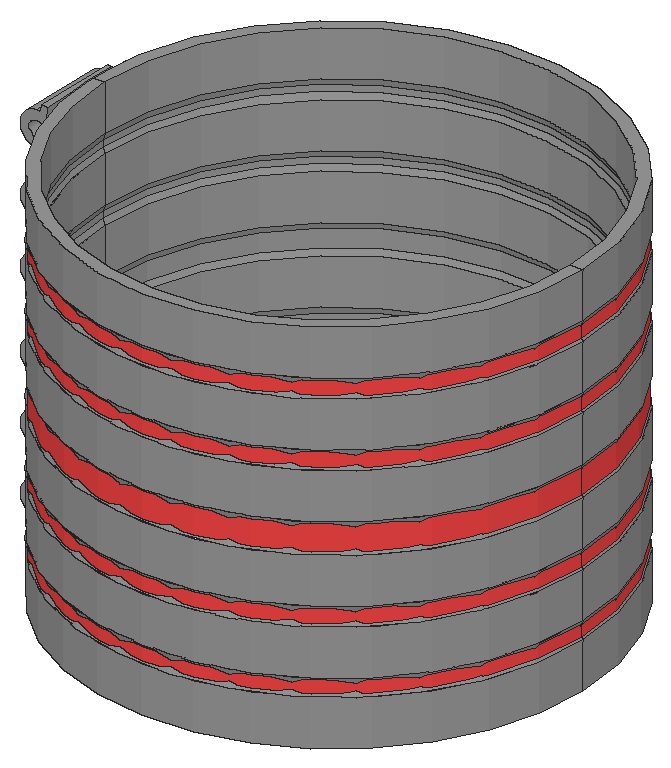
Revit family "MI-QXHUB", category Pipe Accessories, Revit 2018
Family settings
  Round Connector Dimension = Use Diameter
  Part Type = Valve - Breaks Into
  Work Plane-Based = No
  Always vertical = Yes
  Cut with Voids When Loaded = No
  Shared = No
Parameters (values of type "MI-QXHUB-6")
  W = 0' - 0 9/16"
  URL = "www.mifab.com"
  Option 3 = no
  Option 2 = yes
  Option 1 = no
  Model = "MI-QXHUB-6"
  Manufacturer = "MIFAB"
  Diameter_3 = 1' - 3"
  Diameter_1 = 0' - 2"
  Diameter_2 = 0' - 6"
  Description = "Heavy Duty Quick Hub No Hub Coupling"
  C3 OR L3 = 0' - 5 55/128"
  C2 OR L2 = 0' - 4 5/8"
  C1 OR L1 = 0' - 3"
Types (9): name | W | Option 3 | Option 2 | Option 1 | Model | Diameter_3 | Diameter_1 | Diameter_2
  MI-QXHUB-2 | 0' - 0 9/16" | no | no | yes | "MI-QXHUB-2" | 1' - 3" | 0' - 2" | 0' - 5"
  MI-QXHUB-3 | 0' - 0 29/64" | no | no | yes | "MI-QXHUB-3" | 1' - 3" | 0' - 3" | 0' - 5"
  MI-QXHUB-4 | 0' - 0 9/16" | no | no | yes | "MI-QXHUB-4" | 1' - 3" | 0' - 4" | 0' - 5"
  MI-QXHUB-5 | 0' - 0 9/16" | no | yes | no | "MI-QXHUB-5" | 1' - 3" | 0' - 4" | 0' - 5"
  MI-QXHUB-6 | 0' - 0 9/16" | no | yes | no | "MI-QXHUB-6" | 1' - 3" | 0' - 2" | 0' - 6"
  MI-QXHUB-10 | 0' - 0 9/16" | no | yes | no | "MI-QXHUB-10" | 1' - 3" | 0' - 5" | 0' - 10"
  MI-QXHUB-150 | 0' - 0 9/16" | no | no | yes | "MI-QXHUB-150" | 1' - 3" | 0' - 1 1/2" | 0' - 5"
  MI-QXHUB-12 | 0' - 0 9/16" | yes | no | no | "MI-QXHUB-12" | 1' - 0" | 0' - 2" | 1' - 0"
  MI-QXHUB-8 | 0' - 0 9/16" | no | yes | no | "MI-QXHUB-8" | 1' - 3" | 0' - 2" | 0' - 8"
Reference planes (in)
  plane 1 "Center (Front/Back)": y = 0
  plane 2: z = 0
  plane 3 "Center (Left/Right)": x = 0
  plane 4: z = 1.5
  plane 5: z = -1.5
Dimensions and locks (in)
  equal spacing: plane 4, level, plane 5
  "C1 OR L1": plane 4 to plane 5
  aligned and locked: plane 2 to level
  aligned and locked: plane 3 "Center (Left/Right)" to nested 2
  aligned and locked: plane 1 "Center (Front/Back)" to nested 2
  aligned and locked: plane 1 "Center (Front/Back)" to nested 1
  aligned and locked: plane 3 "Center (Left/Right)" to nested 1
  aligned and locked: plane 3 "Center (Left/Right)" to nested 3
  aligned and locked: nested 3 to level
  aligned and locked: plane 1 "Center (Front/Back)" to nested 3
Nested families (in)
  nested 1: "NO HUB COUPLINGS" at (0, 0, 0), visible <- "Option 1", type "MI-XHUB-150"
    with Diameter 0' - 2"
  nested 2: "NO HUB COUPLINGS_01" at (0, 0, 0), visible <- "Option 2", type "MI-XHUB-5"
  nested 3: "NO HUB COUPLINGS_02" at (0, 0, 0), visible <- "Option 3", type "MI-HUB-12"
    with Diameter 1' - 3"
Connectors (in)
  piping at (0, 0, -2.3125), diameter 6, driven by "Diameter_2"
    settings: on nested 2, index 1, connector inside diameter 24", connector length 0' - 0", flow factor 0, pipe flow 0 GPM, pressure drop 0.00 psi, fitting loss kfactor 0, connector angle 0.00°, fixture units 0, engagement length 0' - 0", angle of deflection 0.00°, flow configuration 0, flow direction 0, fitting loss method 0, system type 7, joint type 0, gender type 0, connector reference index -1, connector utility 0, adjustable connector no, is connector primary yes, connector description ""
  piping at (0, 0, 2.3125), diameter 6, driven by "Diameter_2"
    settings: on nested 2, index 2, connector inside diameter 24", connector length 0' - 0", flow factor 0, pipe flow 0 GPM, pressure drop 0.00 psi, fitting loss kfactor 0, connector angle 0.00°, fixture units 0, engagement length 0' - 0", angle of deflection 0.00°, flow configuration 0, flow direction 0, fitting loss method 0, system type 7, joint type 0, gender type 0, connector reference index -1, connector utility 0, adjustable connector no, is connector primary no, connector description ""
  piping at (0, 0, 1.5), diameter 2, driven by "Diameter_1"
    settings: on nested 1, index 3, connector inside diameter 24", connector length 0' - 0", flow factor 0, pipe flow 0 GPM, pressure drop 0.00 psi, fitting loss kfactor 0, connector angle 0.00°, fixture units 0, engagement length 0' - 0", angle of deflection 0.00°, flow configuration 0, flow direction 0, fitting loss method 0, system type 7, joint type 0, gender type 0, connector reference index -1, connector utility 0, adjustable connector no, is connector primary no, connector description ""
  piping at (0, 0, -1.5), diameter 2, driven by "Diameter_1"
    settings: on nested 1, index 4, connector inside diameter 24", connector length 0' - 0", flow factor 0, pipe flow 0 GPM, pressure drop 0.00 psi, fitting loss kfactor 0, connector angle 0.00°, fixture units 0, engagement length 0' - 0", angle of deflection 0.00°, flow configuration 0, flow direction 0, fitting loss method 0, system type 7, joint type 0, gender type 0, connector reference index -1, connector utility 0, adjustable connector no, is connector primary no, connector description ""
  piping at (0, 0, 2.71484), diameter 15, driven by "Diameter_3"
    settings: on nested 3, index 5, connector inside diameter 24", connector length 0' - 0", flow factor 0, pipe flow 0 GPM, pressure drop 0.00 psi, fitting loss kfactor 0, connector angle 0.00°, fixture units 0, engagement length 0' - 0", angle of deflection 0.00°, flow configuration 0, flow direction 0, fitting loss method 0, system type 7, joint type 0, gender type 0, connector reference index -1, connector utility 0, adjustable connector no, is connector primary no, connector description ""
  piping at (0, 0, -2.71484), diameter 15, driven by "Diameter_3"
    settings: on nested 3, index 6, connector inside diameter 24", connector length 0' - 0", flow factor 0, pipe flow 0 GPM, pressure drop 0.00 psi, fitting loss kfactor 0, connector angle 0.00°, fixture units 0, engagement length 0' - 0", angle of deflection 0.00°, flow configuration 0, flow direction 0, fitting loss method 0, system type 7, joint type 0, gender type 0, connector reference index -1, connector utility 0, adjustable connector no, is connector primary no, connector description ""
Definition of nested family "NO HUB COUPLINGS"
  Parameters (values of type "MI-XHUB-43")
    W = 0' - 0 9/16"
    Diameter = 0' - 4"
    C OR L = 0' - 3"
  Types (7): name | W | Diameter
    MI-XHUB-150 | 0' - 0 9/16" | 0' - 4"
    MI-XHUB-2 | 0' - 0 9/16" | 0' - 2"
    MI-XHUB-3 | 0' - 0 29/64" | 0' - 3"
    MI-XHUB-32 | 0' - 0 29/64" | 0' - 3"
    MI-XHUB-4 | 0' - 0 9/16" | 0' - 4"
    MI-XHUB-42 | 0' - 0 9/16" | 0' - 4"
    MI-XHUB-43 | 0' - 0 9/16" | 0' - 4"
  Reference planes (in)
    plane 1 "Center (Front/Back)": y = 0
    plane 2: z = 0
    plane 3 "Center (Left/Right)": x = 0
    plane 4: x = -2
    plane 5: x = 2
    plane 6: z = 1.5
    plane 7: z = -1.5
    plane 8: x = 1.97219
    plane 9: x = 1.97219
    plane 10: x = 1.98828
    plane 11: x = 1.88472
    plane 12: x = 1.85691
    plane 13: z = -0.9375
    plane 14: z = -0.69276
    plane 15: z = -0.13026
    plane 16: z = 0.11448
    plane 17: z = 0.67698
    plane 18: z = 0.9375
  Forms (in)
    Revolve 1, solid, detail levels fine
      sketch origin (0, 0, 0) x (1, 0, 0) y (0, 0, 1)
        loop
          line (2, 0.9375) -> (2, 1.5) -> (1.85691, 1.5) -> (1.85691, 0.9375) -> (1.88472, 0.86335) -> (1.88472, 0.75113) -> (1.85691, 0.67698) -> (1.85691, 0.11448) -> (1.88472, 0.04033) -> (1.88472, -0.05611) -> (1.85691, -0.13026) -> (1.85691, -0.69276) -> (1.88472, -0.76691) -> (1.88472, -0.86335) -> (1.85691, -0.9375) -> (1.85691, -1.5) -> (2, -1.5) -> (2, -0.9375) -> (1.97219, -0.86335) -> (1.97219, -0.76691) -> (2, -0.69276) -> (2, -0.13026) -> (1.97219, -0.05611) -> (1.97219, 0.04033) -> (2, 0.11448) -> (2, 0.67698) -> (1.97219, 0.75113) -> (1.97219, 0.86335) -> (2, 0.9375)
        axis (0, 1.5) -> (0, -1.5)
      angle from 0 to 360
    Revolve 2, solid, detail levels fine
      sketch origin (0, 0, 0) x (1, 0, 0) y (0, 0, 1)
        loop
          line (1.97219, 0.75113) -> (1.98828, 0.70823) -> (1.98828, 0.90625) -> (1.97219, 0.86335) -> (1.97219, 0.75113)
        loop
          line (1.97219, 0.04033) -> (1.97219, -0.05611) -> (1.98828, -0.09901) -> (1.98828, 0.08323) -> (1.97219, 0.04033)
        loop
          line (1.97219, -0.76691) -> (1.97219, -0.86335) -> (1.98828, -0.90625) -> (1.98828, -0.72401) -> (1.97219, -0.76691)
        axis (0, 0.90625) -> (0, -0.90625)
      angle from 0 to 360
  Dimensions and locks (in)
    equal spacing: plane 4, plane 3 "Center (Left/Right)", plane 5
    "Diameter": plane 4 to plane 5
    equal spacing: plane 6, level, plane 7
    "C OR L": plane 6 to plane 7
    locked: plane 8 to plane 5 at 0.02781
    locked: plane 10 to plane 5 at 0.01172
    locked: plane 9 to plane 5 at 0.02781
    locked: plane 11 to plane 5 at 0.11528
    locked: plane 12 to plane 5 at 0.14309
    "W": plane 13 to plane 7
    "W": plane 15 to plane 14
    "W": plane 17 to plane 16
    "W": plane 6 to plane 18
    locked: Revolve 1 sketch curve to plane 17 at 0.07415  (x2)
    locked: plane 18 to Revolve 1 sketch curve at 0.07415  (x2)
    locked: Revolve 1 sketch curve to plane 13 at 0.07415  (x2)
    locked: plane 14 to Revolve 1 sketch curve at 0.07415  (x2)
    locked: plane 16 to Revolve 1 sketch curve at 0.07415  (x2)
    locked: Revolve 1 sketch curve to plane 15 at 0.07415  (x2)
    locked: Revolve 2 sketch curve to Revolve 1 at 0.0429  (x3)
    locked: Revolve 1 to Revolve 2 sketch curve at 0.0429  (x3)
    nested 2 to nested 2 = 0' - 1 7/16"
    aligned and locked: plane 2 to level
    aligned and locked: Revolve 1 sketch curve to plane 5  (x3)
    aligned and locked: plane 5 to Revolve 1 sketch curve
    aligned and locked: Revolve 1 sketch curve to plane 8  (x3)
    aligned and locked: plane 7 to Revolve 1 sketch curve
    aligned and locked: Revolve 1 to plane 6
    aligned and locked: Revolve 1 to plane 7
    aligned and locked: Revolve 2 sketch curve to plane 9  (x3)
    aligned and locked: plane 10 to Revolve 2 sketch curve  (x3)
    aligned and locked: Revolve 1 sketch curve to plane 11  (x3)
    aligned and locked: Revolve 1 sketch curve to plane 12  (x4)
    aligned and locked: plane 18 to Revolve 1 sketch curve  (x2)
    aligned and locked: plane 17 to Revolve 1 sketch curve  (x2)
    aligned and locked: plane 16 to Revolve 1 sketch curve  (x2)
    aligned and locked: plane 15 to Revolve 1 sketch curve  (x2)
    aligned and locked: plane 14 to Revolve 1 sketch curve  (x2)
    aligned and locked: plane 13 to Revolve 1 sketch curve  (x2)
    aligned and locked: Revolve 2 sketch curve to Revolve 1  (x6)
    aligned and locked: plane 16 to nested 1
    aligned and locked: nested 1 to plane 17
    aligned and locked: plane 1 "Center (Front/Back)" to nested 1
    aligned and locked: plane 7 to nested 4
    aligned and locked: nested 4 to plane 13
    aligned and locked: plane 14 to nested 3
    aligned and locked: nested 3 to plane 15
    aligned and locked: plane 18 to nested 2
    aligned and locked: nested 2 to plane 6
    aligned and locked: plane 4 to nested 2
    aligned and locked: plane 4 to nested 3
    aligned and locked: plane 4 to nested 4
    aligned and locked: plane 4 to nested 1
  Automatic sketch dimensions
    Revolve 1 sketch curve to plane 3 "Center (Left/Right)" = 0' - 0"
    Revolve 1 sketch curve to plane 6 = 0' - 0"
    plane 7 to Revolve 1 sketch curve = 0' - 1.11811"
    Revolve 1 sketch curve to plane 6 = 0' - 6.92344"
    Revolve 2 sketch curve to plane 3 "Center (Left/Right)" = 0' - 0"
    plane 10 to Revolve 2 sketch curve = 0' - 0"
    plane 7 to Revolve 2 sketch curve = 0' - 1.11811"
    Revolve 2 sketch curve to plane 6 = 0' - 6.92344"
  Nested families (in)
    nested 1: "HEX HEAD" at (0.99653, 0, 0.39572) x (0, -1, 0) z (0, 0, 1), type "HEX HEAD"
    nested 2: "HEX HEAD" at (0.99653, 0, 1.21874) x (0, -1, 0) z (0, 0, 1), type "HEX HEAD"
    nested 3: "HEX HEAD" at (0.99653, 0, -0.41152) x (0, -1, 0) z (0, 0, 1), type "HEX HEAD"
    nested 4: "HEX HEAD" at (0.99653, 0, -1.21876) x (0, -1, 0) z (0, 0, 1), type "HEX HEAD"
  Connectors (in)
    piping at (0, 0, 1.5), diameter 4, driven by "Diameter"
      settings: on Revolve 1, index 1, connector inside diameter 24", connector length 0' - 0", flow factor 0, pipe flow 0 GPM, pressure drop 0.00 psi, fitting loss kfactor 0, connector angle 0.00°, fixture units 0, engagement length 0' - 0", angle of deflection 0.00°, flow configuration 0, flow direction 0, fitting loss method 0, system type 7, joint type 0, gender type 0, connector reference index -1, connector utility 0, adjustable connector no, is connector primary yes, connector description ""
    piping at (0, 0, -1.5), diameter 4, driven by "Diameter"
      settings: on Revolve 1, index 2, connector inside diameter 24", connector length 0' - 0", flow factor 0, pipe flow 0 GPM, pressure drop 0.00 psi, fitting loss kfactor 0, connector angle 0.00°, fixture units 0, engagement length 0' - 0", angle of deflection 0.00°, flow configuration 0, flow direction 0, fitting loss method 0, system type 7, joint type 0, gender type 0, connector reference index -1, connector utility 0, adjustable connector no, is connector primary no, connector description ""
  Definition of nested family "HEX HEAD"
    Parameters (values of type "HEX HEAD")
      W = 0' - 0 9/16"
      Material = none
    Reference planes (in)
      plane 1 "Center (Front/Back)": y = 0
      plane 2: z = 0.00001
      plane 3 "Center (Left/Right)": x = 0
      plane 4: z = 0.875
      plane 5: y = -2.99653
      plane 6: x = -1.10699
    Forms (in)
      Extrusion 1, solid, material <- "Material"
        sketch origin (-0.71395, -4.7148, 0.00001) x (0, 0, -1) y (0, 1, 0)
          loop
            line (0.09633, 1.66264) -> (0, 1.71826) -> (-0.09633, 1.66264) -> (-0.09633, 1.55141) -> (0, 1.49579) -> (0.09633, 1.55141) -> (0.09633, 1.66264)
        from 0 to 0.22467
      Extrusion 2, void
        sketch origin (-0.00001, 0, 0.00001) x (0, -1, 0) y (1, 0, 0)
          loop
            circle (0, 0) r 3
        from -5.70489 to 12
      Extrusion 3, solid, material <- "Material"
        sketch origin (-0.15145, -1.50075, 0.00001) x (0, 0, 1) y (0, -1, 0)
          loop
            line (0.28125, 1.4734) -> (0.28125, 1.54095)
            arc (0.28125, 1.54095) -> (0.24253, 1.54752) -> (0.20365, 1.55311) r 1.56641
            line (0.20365, 1.55311) -> (0.20365, 1.60703)
            arc (0.20365, 1.60703) -> (0, 1.81068) -> (-0.20365, 1.60703) r 0.20365
            line (-0.20365, 1.60703) -> (-0.20365, 1.55311)
            arc (-0.20365, 1.55311) -> (-0.24253, 1.54752) -> (-0.28125, 1.54095) r 1.56641
            line (-0.28125, 1.54095) -> (-0.28125, 1.4734)
            arc (-0.28125, 1.4734) -> (0, 1.5) -> (0.28125, 1.4734) r 1.5
          loop
            circle (0, 1.60703) r 0.09633
        from -0.12407 to 0.875
      Extrusion 4, solid, material <- "Material"
        sketch origin (-0.71395, -4.7148, 0.00001) x (0, 0, -1) y (0, 1, 0)
          loop
            circle (0, 1.60703) r 0.09633
        from 0.22467 to 0.43843
    Cuts and joins
      Extrusion 2 cuts Extrusion 3
    Dimensions and locks (in)
      plane 4 to level = 0' - 0 7/8"
      level to plane 4 = 0' - 0 7/8"
      "W": Extrusion 3 sketch curve to Extrusion 3 sketch curve
      equal spacing: cut or joined group of Extrusion 2, Extrusion 3, plane 2, cut or joined group of Extrusion 2, Extrusion 3
      cut or joined group of Extrusion 2, Extrusion 3 to Extrusion 1 = 0' - 1 7/16"
      diameter of Extrusion 2 sketch curve = 0' - 6"
      aligned and locked: plane 2 to level
    Automatic sketch dimensions
      Extrusion 1 sketch curve to plane 5 = 0' - 0"
      level to Extrusion 1 sketch curve = 0' - 0.09634"
      level to Extrusion 1 sketch curve = 0' - 0"  (x2)
      Extrusion 1 sketch curve to level = 0' - 0.09633"
      Extrusion 1 sketch curve to plane 5 = 0' - 0.05562"  (x2)
      Extrusion 1 sketch curve to Extrusion 1 sketch curve = 0' - 0.11124"  (x2)
      Extrusion 1 sketch curve to Extrusion 1 sketch curve = 0' - 0.05562"
      plane 1 "Center (Front/Back)" to Extrusion 2 sketch curve = 0' - 0"
      Extrusion 2 sketch curve to plane 3 "Center (Left/Right)" = 0' - 0"
      level to Extrusion 4 sketch curve = 0' - 0"
      Extrusion 4 sketch curve to plane 5 = 0' - 0.11124"
      Extrusion 3 sketch curve to Extrusion 3 sketch curve = 0' - 0"  (x8)
      Extrusion 3 sketch curve to plane 2 = 0' - 0"  (x2)
      Extrusion 3 sketch curve to level = 0' - 0.20365"
      plane 5 to Extrusion 3 sketch curve = 0' - 0.02239"
      Extrusion 3 sketch curve to Extrusion 3 sketch curve = 0' - 0.0776"
      plane 5 to Extrusion 3 sketch curve = 0' - 1.49579"
      Extrusion 3 sketch curve to plane 5 = 0' - 0.04516"  (x2)
      Extrusion 3 sketch curve to plane 5 = 0' - 0.11124"
      radius of Extrusion 4 sketch curve = 0' - 0.09633"
      radius of Extrusion 3 sketch curve = 0' - 0.09633"
Definition of nested family "NO HUB COUPLINGS_01"
  Parameters (values of type "MI-HUB-8")
    W = 0' - 0 9/16"
    Diameter = 0' - 8"
    C OR L = 0' - 4 5/8"
  Types (6): name | Diameter
    MI-XHUB-5 | 0' - 6"
    MI-HUB-6 | 0' - 6"
    MI-HUB-8 | 0' - 8"
    MI-HUB-10 | 0' - 10"
    MI-HUB-12 | 1' - 0"
    MI-XHUB-5" | 0' - 6"
  Reference planes (in)
    plane 1 "Center (Front/Back)": y = 0
    plane 2: z = 0
    plane 3 "Center (Left/Right)": x = 0
    plane 4: x = -4
    plane 5: x = 4
    plane 6: z = 2.3125
    plane 7: z = -2.3125
    plane 8: x = 3.97219
    plane 9: x = 3.97219
    plane 10: x = 3.98828
    plane 11: x = 3.88472
    plane 12: x = 3.85691
    plane 13: z = -1.75
    plane 14: z = -0.75394
    plane 15: z = -0.19144
    plane 16: z = 0.1752
    plane 17: z = 0.7377
    plane 18: z = 1.75
    plane 19: z = 0.9626
    plane 20: z = 1.5251
    plane 21: z = 1.75
    plane 22: z = -0.97884
    plane 23: z = -1.54134
  Forms (in)
    Revolve 1, solid, detail levels fine
      sketch origin (0, 0, 0) x (1, 0, 0) y (0, 0, 1)
        loop
          line (4, 0.9626) -> (4, 1.5251) -> (3.97219, 1.59925) -> (3.97219, 1.67585) -> (4, 1.75) -> (4, 2.3125) -> (3.85691, 2.3125) -> (3.85691, 1.75) -> (3.88472, 1.67585) -> (3.88472, 1.59925) -> (3.85691, 1.5251) -> (3.85691, 0.9626) -> (3.88472, 0.88845) -> (3.88472, 0.81184) -> (3.85691, 0.7377) -> (3.85691, 0.1752) -> (3.88472, 0.10105) -> (3.88472, -0.11729) -> (3.85691, -0.19144) -> (3.85691, -0.75394) -> (3.88472, -0.82808) -> (3.88472, -0.90469) -> (3.85691, -0.97884) -> (3.85691, -1.54134) -> (3.88472, -1.61549) -> (3.88472, -1.67585) -> (3.85691, -1.75) -> (3.85691, -2.3125) -> (4, -2.3125) -> (4, -1.75) -> (3.97219, -1.67585) -> (3.97219, -1.61549) -> (4, -1.54134) -> (4, -0.97884) -> (3.97219, -0.90469) -> (3.97219, -0.82808) -> (4, -0.75394) -> (4, -0.19144) -> (3.97219, -0.11729) -> (3.97219, 0.10105) -> (4, 0.1752) -> (4, 0.7377) -> (3.97219, 0.81184) -> (3.97219, 0.88845) -> (4, 0.9626)
        axis (0, 2.3125) -> (0, -2.3125)
      angle from 0 to 360
    Revolve 2, solid, detail levels fine
      sketch origin (0, 0, 0) x (1, 0, 0) y (0, 0, 1)
        loop
          line (3.97219, 0.81184) -> (3.98828, 0.76895) -> (3.98828, 0.93135) -> (3.97219, 0.88845) -> (3.97219, 0.81184)
        loop
          line (3.97219, 0.10105) -> (3.97219, -0.11729) -> (3.98828, -0.16019) -> (3.98828, 0.14395) -> (3.97219, 0.10105)
        loop
          line (3.97219, -0.82808) -> (3.97219, -0.90469) -> (3.98828, -0.94759) -> (3.98828, -0.78519) -> (3.97219, -0.82808)
        loop
          line (3.97219, -1.67585) -> (3.98828, -1.71875) -> (3.98828, -1.57259) -> (3.97219, -1.61549) -> (3.97219, -1.67585)
        loop
          line (3.97219, 1.59925) -> (3.98828, 1.55635) -> (3.98828, 1.71875) -> (3.97219, 1.67585) -> (3.97219, 1.59925)
        axis (0, 1.71875) -> (0, -1.71875)
      angle from 0 to 360
  Dimensions and locks (in)
    equal spacing: plane 4, plane 3 "Center (Left/Right)", plane 5
    "Diameter": plane 4 to plane 5
    equal spacing: plane 6, level, plane 7
    "C OR L": plane 6 to plane 7
    locked: plane 8 to plane 5 at 0.02781
    locked: plane 10 to plane 5 at 0.01172
    locked: plane 9 to plane 5 at 0.02781
    locked: plane 11 to plane 5 at 0.11528
    locked: plane 12 to plane 5 at 0.14309
    "W": plane 13 to plane 7
    "W": plane 15 to plane 14
    "W": plane 17 to plane 16
    locked: Revolve 1 sketch curve to plane 17 at 0.07415  (x2)
    locked: Revolve 1 sketch curve to plane 13 at 0.07415  (x2)
    locked: plane 14 to Revolve 1 sketch curve at 0.07415  (x2)
    locked: plane 16 to Revolve 1 sketch curve at 0.07415  (x2)
    locked: Revolve 1 sketch curve to plane 15 at 0.07415  (x2)
    locked: Revolve 2 sketch curve to Revolve 1 at 0.0429  (x5)
    locked: Revolve 1 to Revolve 2 sketch curve at 0.0429  (x5)
    "W": plane 20 to plane 19
    locked: plane 19 to Revolve 1 sketch curve at 0.07415  (x2)
    locked: plane 18 to Revolve 1 sketch curve at 0.07415  (x2)
    locked: Revolve 1 sketch curve to plane 20 at 0.07415  (x2)
    plane 13 to plane 7 = 0' - 0 9/16"
    "W": plane 6 to plane 21
    "W": plane 22 to plane 23
    locked: Revolve 1 sketch curve to plane 22 at 0.07415  (x2)
    locked: plane 23 to Revolve 1 sketch curve at 0.07415  (x2)
    aligned and locked: plane 2 to level
    aligned and locked: Revolve 1 sketch curve to plane 5  (x3)
    aligned and locked: plane 5 to Revolve 1 sketch curve  (x2)
    aligned and locked: Revolve 1 sketch curve to plane 8  (x4)
    aligned and locked: plane 7 to Revolve 1 sketch curve
    aligned and locked: Revolve 1 to plane 6
    aligned and locked: Revolve 1 to plane 7
    aligned and locked: Revolve 2 sketch curve to plane 9  (x4)
    aligned and locked: plane 10 to Revolve 2 sketch curve  (x4)
    aligned and locked: plane 11 to Revolve 1 sketch curve
    aligned and locked: Revolve 1 sketch curve to plane 11  (x3)
    aligned and locked: Revolve 1 sketch curve to plane 12  (x4)
    aligned and locked: plane 17 to Revolve 1 sketch curve  (x2)
    aligned and locked: plane 16 to Revolve 1 sketch curve  (x2)
    aligned and locked: plane 15 to Revolve 1 sketch curve  (x2)
    aligned and locked: plane 14 to Revolve 1 sketch curve  (x2)
    aligned and locked: plane 13 to Revolve 1 sketch curve  (x2)
    aligned and locked: Revolve 2 sketch curve to Revolve 1  (x10)
    aligned and locked: plane 16 to nested 1
    aligned and locked: nested 1 to plane 17
    aligned and locked: plane 1 "Center (Front/Back)" to nested 1
    aligned and locked: plane 7 to nested 4
    aligned and locked: nested 4 to plane 13
    aligned and locked: plane 14 to nested 3
    aligned and locked: nested 3 to plane 15
    aligned and locked: plane 18 to nested 2
    aligned and locked: plane 4 to nested 2
    aligned and locked: plane 4 to nested 3
    aligned and locked: plane 4 to nested 4
    aligned and locked: plane 4 to nested 1
    aligned and locked: plane 19 to Revolve 1 sketch curve  (x2)
    aligned and locked: plane 21 to plane 18
    aligned and locked: plane 20 to Revolve 1 sketch curve  (x2)
    aligned and locked: plane 18 to Revolve 1 sketch curve  (x2)
    aligned and locked: plane 21 to nested 2
    aligned and locked: nested 5 to plane 20
    aligned and locked: plane 19 to nested 5
    aligned and locked: plane 4 to nested 5
    aligned and locked: plane 22 to Revolve 1 sketch curve  (x2)
    aligned and locked: plane 23 to Revolve 1 sketch curve  (x2)
    aligned and locked: plane 12 to Revolve 1 sketch curve
    aligned and locked: nested 6 to plane 23
    aligned and locked: plane 22 to nested 6
    aligned and locked: plane 1 "Center (Front/Back)" to nested 2
    aligned and locked: plane 1 "Center (Front/Back)" to nested 5
    aligned and locked: plane 1 "Center (Front/Back)" to nested 3
    aligned and locked: plane 1 "Center (Front/Back)" to nested 6
    aligned and locked: plane 1 "Center (Front/Back)" to nested 4
    aligned and locked: plane 4 to nested 6
  Automatic sketch dimensions
    Revolve 1 sketch curve to plane 3 "Center (Left/Right)" = 0' - 0"
    Revolve 1 sketch curve to plane 6 = 0' - 0"
    plane 12 to Revolve 1 sketch curve = 0' - 0"
    Revolve 1 sketch curve to plane 11 = 0' - 0"
    plane 8 to Revolve 1 sketch curve = 0' - 0"
    plane 5 to Revolve 1 sketch curve = 0' - 0"
    plane 7 to Revolve 1 sketch curve = 0' - 1.11811"
    Revolve 1 sketch curve to plane 6 = 0' - 6.92344"
    Revolve 2 sketch curve to plane 3 "Center (Left/Right)" = 0' - 0"
    plane 10 to Revolve 2 sketch curve = 0' - 0"  (x2)
    plane 7 to Revolve 2 sketch curve = 0' - 1.11811"
    Revolve 2 sketch curve to plane 6 = 0' - 6.92344"
    plane 9 to Revolve 2 sketch curve = 0' - 0"
  Nested families (in)
    nested 1: "HEX HEAD" at (-1.00347, 0, 0.45644) x (0, -1, 0) z (0, 0, 1), type "HEX HEAD"
    nested 2: "HEX HEAD" at (-1.00347, 0, 2.03124) x (0, -1, 0) z (0, 0, 1), type "HEX HEAD"
    nested 3: "HEX HEAD" at (-1.00347, 0, -0.47269) x (0, -1, 0) z (0, 0, 1), type "HEX HEAD"
    nested 4: "HEX HEAD" at (-1.00347, 0, -2.03126) x (0, -1, 0) z (0, 0, 1), type "HEX HEAD"
    nested 5: "HEX HEAD" at (-1.00347, 0, 1.24384) x (0, -1, 0) z (0, 0, 1), type "HEX HEAD"
    nested 6: "HEX HEAD" at (-1.00347, 0, -1.2601) x (0, -1, 0) z (0, 0, 1), type "HEX HEAD"
  Connectors (in)
    piping at (0, 0, -2.3125), diameter 8, driven by "Diameter"
      settings: on Revolve 1, index 1, connector inside diameter 24", connector length 0' - 0", flow factor 0, pipe flow 0 GPM, pressure drop 0.00 psi, fitting loss kfactor 0, connector angle 0.00°, fixture units 0, engagement length 0' - 0", angle of deflection 0.00°, flow configuration 0, flow direction 0, fitting loss method 0, system type 7, joint type 0, gender type 0, connector reference index -1, connector utility 0, adjustable connector no, is connector primary yes, connector description ""
    piping at (0, 0, 2.3125), diameter 8, driven by "Diameter"
      settings: on Revolve 1, index 2, connector inside diameter 24", connector length 0' - 0", flow factor 0, pipe flow 0 GPM, pressure drop 0.00 psi, fitting loss kfactor 0, connector angle 0.00°, fixture units 0, engagement length 0' - 0", angle of deflection 0.00°, flow configuration 0, flow direction 0, fitting loss method 0, system type 7, joint type 0, gender type 0, connector reference index -1, connector utility 0, adjustable connector no, is connector primary no, connector description ""
  Definition of nested family "HEX HEAD"
    Parameters (values of type "HEX HEAD")
      W = 0' - 0 9/16"
      Material = none
    Reference planes (in)
      plane 1 "Center (Front/Back)": y = 0
      plane 2: z = 0.00001
      plane 3 "Center (Left/Right)": x = 0
      plane 4: z = 0.875
      plane 5: y = -2.99653
      plane 6: x = -1.10699
    Forms (in)
      Extrusion 1, solid, material <- "Material"
        sketch origin (-0.71395, -4.7148, 0.00001) x (0, 0, -1) y (0, 1, 0)
          loop
            line (0.09633, 1.66264) -> (0, 1.71826) -> (-0.09633, 1.66264) -> (-0.09633, 1.55141) -> (0, 1.49579) -> (0.09633, 1.55141) -> (0.09633, 1.66264)
        from 0 to 0.22467
      Extrusion 2, void
        sketch origin (-0.00001, 0, 0.00001) x (0, -1, 0) y (1, 0, 0)
          loop
            circle (0, 0) r 3
        from -5.70489 to 12
      Extrusion 3, solid, material <- "Material"
        sketch origin (-0.15145, -1.50075, 0.00001) x (0, 0, 1) y (0, -1, 0)
          loop
            line (0.28125, 1.4734) -> (0.28125, 1.54095)
            arc (0.28125, 1.54095) -> (0.24253, 1.54752) -> (0.20365, 1.55311) r 1.56641
            line (0.20365, 1.55311) -> (0.20365, 1.60703)
            arc (0.20365, 1.60703) -> (0, 1.81068) -> (-0.20365, 1.60703) r 0.20365
            line (-0.20365, 1.60703) -> (-0.20365, 1.55311)
            arc (-0.20365, 1.55311) -> (-0.24253, 1.54752) -> (-0.28125, 1.54095) r 1.56641
            line (-0.28125, 1.54095) -> (-0.28125, 1.4734)
            arc (-0.28125, 1.4734) -> (0, 1.5) -> (0.28125, 1.4734) r 1.5
          loop
            circle (0, 1.60703) r 0.09633
        from -0.12407 to 0.875
      Extrusion 4, solid, material <- "Material"
        sketch origin (-0.71395, -4.7148, 0.00001) x (0, 0, -1) y (0, 1, 0)
          loop
            circle (0, 1.60703) r 0.09633
        from 0.22467 to 0.43843
    Cuts and joins
      Extrusion 2 cuts Extrusion 3
    Dimensions and locks (in)
      plane 4 to level = 0' - 0 7/8"
      level to plane 4 = 0' - 0 7/8"
      "W": Extrusion 3 sketch curve to Extrusion 3 sketch curve
      equal spacing: cut or joined group of Extrusion 2, Extrusion 3, plane 2, cut or joined group of Extrusion 2, Extrusion 3
      cut or joined group of Extrusion 2, Extrusion 3 to Extrusion 1 = 0' - 1 7/16"
      diameter of Extrusion 2 sketch curve = 0' - 6"
      aligned and locked: plane 2 to level
    Automatic sketch dimensions
      Extrusion 1 sketch curve to plane 5 = 0' - 0"
      level to Extrusion 1 sketch curve = 0' - 0.09634"
      level to Extrusion 1 sketch curve = 0' - 0"  (x2)
      Extrusion 1 sketch curve to level = 0' - 0.09633"
      Extrusion 1 sketch curve to plane 5 = 0' - 0.05562"  (x2)
      Extrusion 1 sketch curve to Extrusion 1 sketch curve = 0' - 0.11124"  (x2)
      Extrusion 1 sketch curve to Extrusion 1 sketch curve = 0' - 0.05562"
      plane 1 "Center (Front/Back)" to Extrusion 2 sketch curve = 0' - 0"
      Extrusion 2 sketch curve to plane 3 "Center (Left/Right)" = 0' - 0"
      level to Extrusion 4 sketch curve = 0' - 0"
      Extrusion 4 sketch curve to plane 5 = 0' - 0.11124"
      Extrusion 3 sketch curve to Extrusion 3 sketch curve = 0' - 0"  (x8)
      Extrusion 3 sketch curve to plane 2 = 0' - 0"  (x2)
      Extrusion 3 sketch curve to level = 0' - 0.20365"
      plane 5 to Extrusion 3 sketch curve = 0' - 0.02239"
      Extrusion 3 sketch curve to Extrusion 3 sketch curve = 0' - 0.0776"
      plane 5 to Extrusion 3 sketch curve = 0' - 1.49579"
      Extrusion 3 sketch curve to plane 5 = 0' - 0.04516"  (x2)
      Extrusion 3 sketch curve to plane 5 = 0' - 0.11124"
      radius of Extrusion 4 sketch curve = 0' - 0.09633"
      radius of Extrusion 3 sketch curve = 0' - 0.09633"
Definition of nested family "NO HUB COUPLINGS_02"
  Parameters (values of type "MI-HUB-15")
    W = 0' - 0 5/8"
    Diameter = 1' - 3"
    C OR L = 0' - 5 55/128"
  Types (2): name | Diameter
    MI-HUB-12 | 1' - 0"
    MI-HUB-15 | 1' - 3"
  Reference planes (in)
    plane 1 "Center (Front/Back)": y = 0
    plane 2: z = 0
    plane 3 "Center (Left/Right)": x = 0
    plane 4: x = -7.5
    plane 5: x = 7.5
    plane 6: z = 2.71484
    plane 7: z = -2.71484
    plane 8: x = 7.47219
    plane 9: x = 7.47219
    plane 10: x = 7.48828
    plane 11: x = 7.38472
    plane 12: x = 7.35691
    plane 13: z = -2.08984
    plane 14: z = -1.72875
    plane 15: z = -1.10375
    plane 16: z = -0.78516
    plane 17: z = -0.16016
    plane 18: z = 1.10281
    plane 19: z = 0.16234
    plane 20: z = 0.78734
    plane 21: z = 1.10281
    plane 22: z = 1.72781
    plane 23: z = 2.08984
    plane 24: z = 0
  Forms (in)
    Revolve 1, solid, detail levels fine
      sketch origin (0, 0, 0) x (1, 0, 0) y (0, 0, 1)
        loop
          line (7.5, 0.16234) -> (7.5, 0.78734) -> (7.47219, 0.86149) -> (7.47219, 1.02867) -> (7.5, 1.10281) -> (7.5, 1.72781) -> (7.47219, 1.80196) -> (7.47219, 2.0157) -> (7.5, 2.08984) -> (7.5, 2.71484) -> (7.35691, 2.71484) -> (7.35691, 2.08984) -> (7.38472, 2.0157) -> (7.38472, 1.80196) -> (7.35691, 1.72781) -> (7.35691, 1.10281) -> (7.38472, 1.02867) -> (7.38472, 0.86149) -> (7.35691, 0.78734) -> (7.35691, 0.16234) -> (7.38472, 0.0882) -> (7.38472, -0.08601) -> (7.35691, -0.16016) -> (7.35691, -0.78516) -> (7.38472, -0.8593) -> (7.38472, -1.0296) -> (7.35691, -1.10375) -> (7.35691, -1.72875) -> (7.38472, -1.8029) -> (7.38472, -2.0157) -> (7.35691, -2.08984) -> (7.35691, -2.71484) -> (7.5, -2.71484) -> (7.5, -2.08984) -> (7.47219, -2.0157) -> (7.47219, -1.8029) -> (7.5, -1.72875) -> (7.5, -1.10375) -> (7.47219, -1.0296) -> (7.47219, -0.8593) -> (7.5, -0.78516) -> (7.5, -0.16016) -> (7.47219, -0.08601) -> (7.47219, 0.0882) -> (7.5, 0.16234)
        axis (0, 2.71484) -> (0, -2.71484)
      angle from 0 to 360
    Revolve 2, solid, detail levels fine
      sketch origin (0, 0, 0) x (1, 0, 0) y (0, 0, 1)
        loop
          line (7.47219, -0.08601) -> (7.48828, -0.12891) -> (7.48828, 0.13109) -> (7.47219, 0.0882) -> (7.47219, -0.08601)
        loop
          line (7.47219, -0.8593) -> (7.47219, -1.0296) -> (7.48828, -1.0725) -> (7.48828, -0.81641) -> (7.47219, -0.8593)
        loop
          line (7.47219, -1.8029) -> (7.47219, -2.0157) -> (7.48828, -2.05859) -> (7.48828, -1.76) -> (7.47219, -1.8029)
        loop
          line (7.47219, 0.86149) -> (7.48828, 0.81859) -> (7.48828, 1.07156) -> (7.47219, 1.02867) -> (7.47219, 0.86149)
        loop
          line (7.47219, 1.80196) -> (7.48828, 1.75906) -> (7.48828, 2.05859) -> (7.47219, 2.0157) -> (7.47219, 1.80196)
        axis (0, 2.05859) -> (0, -2.05859)
      angle from 0 to 360
  Dimensions and locks (in)
    equal spacing: plane 4, plane 3 "Center (Left/Right)", plane 5
    "Diameter": plane 4 to plane 5
    equal spacing: plane 6, level, plane 7
    "C OR L": plane 6 to plane 7
    locked: plane 8 to plane 5 at 0.02781
    locked: plane 10 to plane 5 at 0.01172
    locked: plane 9 to plane 5 at 0.02781
    locked: plane 11 to plane 5 at 0.11528
    locked: plane 12 to plane 5 at 0.14309
    "W": plane 13 to plane 7
    "W": plane 15 to plane 14
    "W": plane 17 to plane 16
    locked: Revolve 1 sketch curve to plane 17 at 0.07415  (x2)
    locked: Revolve 1 sketch curve to plane 13 at 0.07415  (x2)
    locked: plane 14 to Revolve 1 sketch curve at 0.07415  (x2)
    locked: plane 16 to Revolve 1 sketch curve at 0.07415  (x2)
    locked: Revolve 1 sketch curve to plane 15 at 0.07415  (x2)
    locked: Revolve 2 sketch curve to Revolve 1 at 0.0429  (x5)
    locked: Revolve 1 to Revolve 2 sketch curve at 0.0429  (x5)
    "W": plane 20 to plane 19
    locked: plane 19 to Revolve 1 sketch curve at 0.07415  (x2)
    "W": plane 22 to plane 21
    locked: plane 18 to Revolve 1 sketch curve at 0.07415  (x2)
    locked: Revolve 1 sketch curve to plane 20 at 0.07415  (x2)
    locked: Revolve 1 sketch curve to plane 22 at 0.07415  (x2)
    locked: plane 23 to Revolve 1 sketch curve at 0.07415  (x2)
    "W": plane 6 to plane 23
    aligned and locked: plane 2 to level
    aligned and locked: Revolve 1 sketch curve to plane 5  (x3)
    aligned and locked: plane 5 to Revolve 1 sketch curve
    aligned and locked: Revolve 1 sketch curve to plane 8  (x3)
    aligned and locked: plane 7 to Revolve 1 sketch curve
    aligned and locked: Revolve 1 to plane 6
    aligned and locked: Revolve 1 to plane 7
    aligned and locked: Revolve 2 sketch curve to plane 9  (x4)
    aligned and locked: plane 10 to Revolve 2 sketch curve  (x5)
    aligned and locked: Revolve 1 sketch curve to plane 11  (x3)
    aligned and locked: Revolve 1 sketch curve to plane 12  (x4)
    aligned and locked: plane 17 to Revolve 1 sketch curve  (x2)
    aligned and locked: plane 16 to Revolve 1 sketch curve  (x2)
    aligned and locked: plane 15 to Revolve 1 sketch curve  (x2)
    aligned and locked: plane 14 to Revolve 1 sketch curve  (x2)
    aligned and locked: plane 13 to Revolve 1 sketch curve  (x2)
    aligned and locked: Revolve 2 sketch curve to Revolve 1  (x10)
    aligned and locked: plane 19 to Revolve 1 sketch curve  (x2)
    aligned and locked: plane 21 to plane 18
    aligned and locked: plane 20 to Revolve 1 sketch curve  (x2)
    aligned and locked: plane 18 to Revolve 1 sketch curve  (x2)
    aligned and locked: plane 7 to nested 4
    aligned and locked: nested 3 to plane 14
    aligned and locked: nested 1 to plane 16
    aligned and locked: nested 5 to plane 19
    aligned and locked: nested 2 to plane 21
    aligned and locked: plane 4 to nested 6
    aligned and locked: plane 4 to nested 2
    aligned and locked: plane 23 to Revolve 1 sketch curve  (x2)
    aligned and locked: plane 22 to Revolve 1 sketch curve  (x2)
    aligned and locked: plane 11 to Revolve 1 sketch curve
    aligned and locked: plane 8 to Revolve 1 sketch curve
    aligned and locked: plane 4 to nested 4
    aligned and locked: plane 4 to nested 3
    aligned and locked: plane 4 to nested 1
    aligned and locked: plane 4 to nested 5
    aligned and locked: plane 1 "Center (Front/Back)" to nested 6
    aligned and locked: plane 1 "Center (Front/Back)" to nested 2
    aligned and locked: plane 1 "Center (Front/Back)" to nested 5
    aligned and locked: plane 1 "Center (Front/Back)" to nested 1
    aligned and locked: plane 1 "Center (Front/Back)" to nested 3
    aligned and locked: plane 1 "Center (Front/Back)" to nested 4
    aligned and locked: plane 24 to level
  Automatic sketch dimensions
    Revolve 1 sketch curve to plane 3 "Center (Left/Right)" = 0' - 0"
    plane 12 to Revolve 1 sketch curve = 0' - 0"  (x2)
    plane 11 to Revolve 1 sketch curve = 0' - 0"
    plane 8 to Revolve 1 sketch curve = 0' - 0"
    plane 5 to Revolve 1 sketch curve = 0' - 0"  (x2)
    Revolve 1 sketch curve to plane 6 = 0' - 0"
    plane 7 to Revolve 1 sketch curve = 0' - 1.11811"
    Revolve 1 sketch curve to plane 6 = 0' - 6.92344"
    Revolve 2 sketch curve to plane 3 "Center (Left/Right)" = 0' - 0"
    Revolve 2 sketch curve to plane 9 = 0' - 0"
    plane 10 to Revolve 2 sketch curve = 0' - 0"
    plane 7 to Revolve 2 sketch curve = 0' - 1.11811"
    Revolve 2 sketch curve to plane 6 = 0' - 6.92344"
  Nested families (in)
    nested 1: "HEX HEAD" at (-4.50347, 0, -0.47266) x (0, -1, 0) z (0, 0, 1), type "HEX HEAD"
    nested 2: "HEX HEAD" at (-4.50347, 0, 1.41531) x (0, -1, 0) z (0, 0, 1), type "HEX HEAD"
    nested 3: "HEX HEAD" at (-4.50347, 0, -1.41626) x (0, -1, 0) z (0, 0, 1), type "HEX HEAD"
    nested 4: "HEX HEAD" at (-4.50347, 0, -2.40235) x (0, -1, 0) z (0, 0, 1), type "HEX HEAD"
    nested 5: "HEX HEAD" at (-4.50347, 0, 0.47484) x (0, -1, 0) z (0, 0, 1), type "HEX HEAD"
    nested 6: "HEX HEAD" at (-4.50347, 0, 2.40234) x (0, -1, 0) z (0, 0, 1), type "HEX HEAD"
  Connectors (in)
    piping at (0, 0, 2.71484), diameter 15, driven by "Diameter"
      settings: on Revolve 1, index 1, connector inside diameter 24", connector length 0' - 0", flow factor 0, pipe flow 0 GPM, pressure drop 0.00 psi, fitting loss kfactor 0, connector angle 0.00°, fixture units 0, engagement length 0' - 0", angle of deflection 0.00°, flow configuration 0, flow direction 0, fitting loss method 0, system type 7, joint type 0, gender type 0, connector reference index -1, connector utility 0, adjustable connector no, is connector primary yes, connector description ""
    piping at (0, 0, -2.71484), diameter 15, driven by "Diameter"
      settings: on Revolve 1, index 2, connector inside diameter 24", connector length 0' - 0", flow factor 0, pipe flow 0 GPM, pressure drop 0.00 psi, fitting loss kfactor 0, connector angle 0.00°, fixture units 0, engagement length 0' - 0", angle of deflection 0.00°, flow configuration 0, flow direction 0, fitting loss method 0, system type 7, joint type 0, gender type 0, connector reference index -1, connector utility 0, adjustable connector no, is connector primary no, connector description ""
  Definition of nested family "HEX HEAD"
    Parameters (values of type "HEX HEAD")
      W = 0' - 0 5/8"
      Material = none
    Reference planes (in)
      plane 1 "Center (Front/Back)": y = 0
      plane 2: z = 0.00001
      plane 3 "Center (Left/Right)": x = 0
      plane 4: z = 0.875
      plane 5: y = -2.99653
      plane 6: x = -0.92739
    Forms (in)
      Extrusion 1, solid, material <- "Material"
        sketch origin (-0.92739, -4.7148, 0.00001) x (0, 0, -1) y (0, 1, 0)
          loop
            line (0.09633, 1.66264) -> (0, 1.71826) -> (-0.09633, 1.66264) -> (-0.09633, 1.55141) -> (0, 1.49579) -> (0.09633, 1.55141) -> (0.09633, 1.66264)
        from 0 to 0.17508
      Extrusion 2, void
        sketch origin (-0.00001, 0, 0.00001) x (0, -1, 0) y (1, 0, 0)
          loop
            circle (0, 0) r 3
        from -5.70489 to 12
      Extrusion 3, solid, material <- "Material"
        sketch origin (-0.36489, -1.50075, 0.00001) x (0, 0, 1) y (0, -1, 0)
          loop
            line (0.3125, 1.46558) -> (0.3125, 1.54095)
            arc (0.3125, 1.54095) -> (0.27379, 1.5483) -> (0.2349, 1.55467) r 1.57232
            line (0.2349, 1.55467) -> (0.2349, 1.60703)
            arc (0.2349, 1.60703) -> (0, 1.84193) -> (-0.2349, 1.60703) r 0.2349
            line (-0.2349, 1.60703) -> (-0.2349, 1.55467)
            arc (-0.2349, 1.55467) -> (-0.27379, 1.5483) -> (-0.3125, 1.54095) r 1.57232
            line (-0.3125, 1.54095) -> (-0.3125, 1.46558)
            arc (-0.3125, 1.46558) -> (0, 1.49836) -> (0.3125, 1.46558) r 1.50617
          loop
            circle (0, 1.60703) r 0.09633
        from -0.14522 to 0.875
      Extrusion 4, solid, material <- "Material"
        sketch origin (-0.92739, -4.7148, 0.00001) x (0, 0, -1) y (0, 1, 0)
          loop
            circle (0, 1.60703) r 0.09633
        from 0.17508 to 0.41728
    Cuts and joins
      Extrusion 2 cuts Extrusion 3
    Dimensions and locks (in)
      plane 4 to level = 0' - 0 7/8"
      level to plane 4 = 0' - 0 7/8"
      "W": Extrusion 3 sketch curve to Extrusion 3 sketch curve
      diameter of Extrusion 2 sketch curve = 0' - 6"
      aligned and locked: plane 2 to level
    Automatic sketch dimensions
      Extrusion 1 sketch curve to plane 5 = 0' - 0"
      level to Extrusion 1 sketch curve = 0' - 0.09634"
      level to Extrusion 1 sketch curve = 0' - 0"  (x2)
      Extrusion 1 sketch curve to level = 0' - 0.09633"
      Extrusion 1 sketch curve to plane 5 = 0' - 0.05562"  (x2)
      Extrusion 1 sketch curve to Extrusion 1 sketch curve = 0' - 0.11124"  (x2)
      Extrusion 1 sketch curve to Extrusion 1 sketch curve = 0' - 0.05562"
      plane 1 "Center (Front/Back)" to Extrusion 2 sketch curve = 0' - 0"
      Extrusion 2 sketch curve to plane 3 "Center (Left/Right)" = 0' - 0"
      level to Extrusion 4 sketch curve = 0' - 0"
      Extrusion 4 sketch curve to plane 5 = 0' - 0.11124"
      Extrusion 3 sketch curve to Extrusion 3 sketch curve = 0' - 0"  (x4)
      Extrusion 3 sketch curve to plane 2 = 0' - 0"  (x3)
      Extrusion 3 sketch curve to plane 5 = 0' - 0.11124"
      Extrusion 3 sketch curve to level = 0' - 0.2349"
      plane 5 to Extrusion 3 sketch curve = 0' - 0.0302"
      Extrusion 3 sketch curve to Extrusion 3 sketch curve = 0' - 0.0776"
      plane 5 to Extrusion 3 sketch curve = 0' - 1.49579"
      Extrusion 3 sketch curve to Extrusion 3 sketch curve = 0' - 0 1/128"
      Extrusion 3 sketch curve to plane 5 = 0' - 0.04516"  (x2)
      radius of Extrusion 4 sketch curve = 0' - 0.09633"
      radius of Extrusion 3 sketch curve = 0' - 0.09633"
